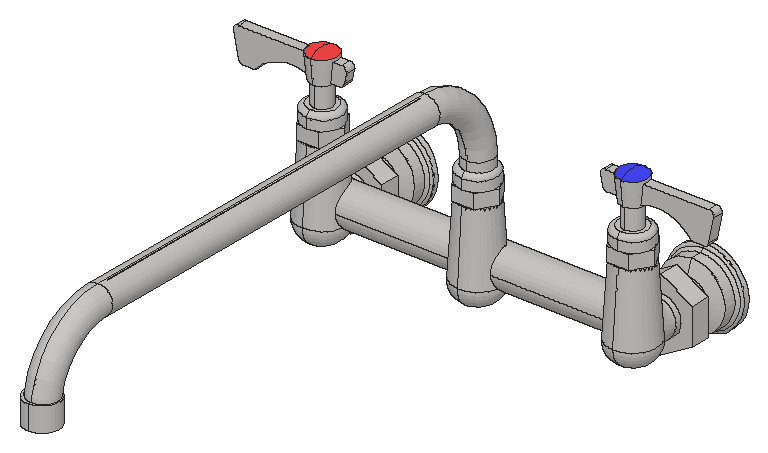
Revit family "Krowne_14-814L_WallMount_Faucet", category Plumbing Fixtures, Revit 2018
Family settings
  Round Connector Dimension = Use Diameter
  Part Type = Normal
  OmniClass Number = 23.40.40.00
  OmniClass Title = Food Service Equipment and Furnishings
  Work Plane-Based = No
  Always vertical = Yes
  Cut with Voids When Loaded = No
  Shared = No
  Room Calculation Point = No
Parameters (values of type "DefaultType")
  Width = 12"
  Weight in Pounds = 5
  Watermarked By = ""
  Waste Water Discharge Temperature [instance] = -459.67 °F
  URL Cutsheet = ""
  URL = "https://krowne.com/"
  Status [instance] = ""
  Specification by User [instance] = ""
  Specification by Manufacturer [instance] = ""
  Serial Number [instance] = ""
  Revision Code [instance] = ""
  Plumbing Remarks [instance] = ""
  Plumbing Connection Type = ""
  NAFEM Spec ID Number [instance] = ""
  Model = "14-814L"
  Masterspec [instance] = ""
  Manufacturer = "Krowne Metal"
  KCLRef = "KCL2C9,,0004c57b-0000-0000-0000-000000000307,KR,14-814L ,637099801860000000,9168b732-2806-4bea-93b5-052a7ac813c2,db9d9500-6c41-4e3d-ae76-039828448db6"
  KCL SpecSheet URL = "http://kclweb.kclcad.com/imagehandler.ashx?kdoc=14-8xx&R=KR&M=14-814L%20&VC=7&TID=KCLWeb&T=doc"
  Item Number [instance] = "-"
  Installed By [instance] = ""
  Hot Water Temperature = 100 °F
  Hot Water Size = 1/2"
  Hot Water RI Height [instance] = 0"
  Hot Water Minimum Pressure = 0.00 psi
  Hot Water Maximum Pressure = 0.00 psi
  Hot Water Flow = 1.8 GPM
  Hot Water Consumption = 0 GPM
  Hot Water Connection Height = 0"
  Height = 3 15/16"
  Furnished By [instance] = ""
  Foodservice Equipment Identifier = yes
  Description = "Wall Mount Faucet"
  Depth = 1 7/8"
  Cold Water Temperature Recommended = -459.67 °F
  Cold Water Size = 1/2"
  Cold Water RI Height [instance] = 0"
  Cold Water Minimum Pressure = 0.00 psi
  Cold Water Maximum Pressure = 0.00 psi
  Cold Water Flow = 1.8 GPM
  Cold Water Consumption = ""
  Cold Water Connection Height = 0"
  CSI MasterFormat = ""
  Assembly Code = "E1090300"
Reference planes
  plane 1 "BACK": y = 0
  plane 2: z = 0
  plane 3 "LEFT": x = -471.569
  plane 4 "RIGHT": x = -166.769
  plane 5 "TOP": z = 100.013
  plane 6 "CENTER L/R": x = -319.169
  plane 7 "Top of Body": z = 44.45
  plane 8: y = -62.38
  plane 9: z = 166.688
  plane 10: z = 104.775
  plane 11: y = -419.1
Forms (mm)
  Sweep 1, solid, material "QF_Stainless-Polished"
    path origin (-319.169, 0, 0) x (0, 1, 0) y (0, 0, 1)
      loop
        line (-62.38, 44.45) -> (-62.38, 106.053)
        arc (-62.38, 106.053) -> (-75.028, 137.109) -> (-105.776, 150.49) r 44.45
        line (-105.776, 150.49) -> (-373.596, 156.84)
        arc (-373.596, 156.84) -> (-405.706, 144.204) -> (-419.1, 112.403) r 44.45
        line (-419.1, 112.403) -> (-419.1, 104.775)
    profile origin (-319.169, -62.38, 75.251) x (0, -1, 0) y (1, 0, 0)
      loop
        circle (0, 0) r 9.525
      loop
        circle (0, 0) r 6.35
  Extrusion 2, solid, material "QF_Stainless-Polished"
    sketch origin (-319.169, -419.1, 104.775) x (0, -1, 0) y (-1, 0, 0)
      loop
        circle (0, 0) r 9.525
      loop
        circle (0, 0) r 11.113
    from 0 to -15.875
Lines and regions (mm)
  symbolic lines
    curve 1: arc (-319.169, -71.905, 0) -> (-328.694, -62.38, 0) -> (-319.169, -52.855, 0) r 9.525
    curve 2: arc (-319.169, -52.855, 0) -> (-309.644, -62.38, 0) -> (-319.169, -71.905, 0) r 9.525
    curve 3: arc (-328.694, -419.1, 0) -> (-325.905, -425.835, 0) -> (-319.169, -428.625, 0) r 9.525
    curve 4: arc (-319.169, -428.625, 0) -> (-312.434, -425.835, 0) -> (-309.644, -419.1, 0) r 9.525
    curve 5: line (-328.694, -419.1, 0) -> (-328.694, -62.38, 0)
    curve 6: line (-309.644, -62.38, 0) -> (-309.644, -419.1, 0)
Dimensions and locks
  "Width": plane 3 "LEFT" to plane 4 "RIGHT"
  "Height": plane 5 "TOP" to plane 2
  plane 7 "Top of Body" to level = 1 3/4"
  equal spacing: plane 3 "LEFT", plane 6 "CENTER L/R", plane 4 "RIGHT"
  plane 11 to plane 1 "BACK" = 16 1/2"
  plane 10 to plane 5 "TOP" = 3/16"
  plane 9 to plane 5 "TOP" = 2 5/8"
  aligned and locked: level to plane 2
  aligned and locked: plane 8 to Sweep 1 sketch curve
  aligned and locked: Sweep 1 sketch curve to plane 11
  aligned and locked: plane 10 to Sweep 1 sketch curve
Automatic sketch dimensions
  curve 3 to curve 4 = 0"
  plane 11 to curve 5 = 0"
  plane 8 to curve 5 = 0"
  curve 1 to plane 6 "CENTER L/R" = 0"
  plane 8 to curve 6 = 0"
  plane 8 to curve 1 = 0"
  curve 5 to curve 3 = 3/8"
  Sweep 1 sketch curve to Sweep 1 sketch curve = 0"  (x2)
  Sweep 1 sketch curve to plane 6 "CENTER L/R" = 0"
  Sweep 1 sketch curve to profile plane = 0"
  Sweep 1 sketch curve to plane 7 "Top of Body" = 0"
  plane 10 to Sweep 1 sketch curve = 0.3003"
  Sweep 1 sketch curve to plane 9 = 0.38769"
  Sweep 1 sketch curve to Sweep 1 sketch curve = 0.04148"
  plane 10 to Sweep 1 sketch curve = 0.0503"
  Sweep 1 sketch curve to Sweep 1 sketch curve = 1 3/4"
  Sweep 1 sketch curve to plane 9 = 0.63769"
  radius of Extrusion 2 sketch curve to Sweep 1 = 0"
  radius of Sweep 1 to Extrusion 2 sketch curve = 1/16"
  radius of Sweep 1 sketch curve = 3/8"
  radius of Sweep 1 sketch curve = 1/4"
Nested families
  nested 1: "QF_Krowne_14-8_Body" at (-4.763, 0, 0), type "QF_Krowne_14-8_Body"
Connectors
  piping at (-420.769, 6.35, 37.306), diameter 12.7, driven by "Hot Water Flow", driven by "Hot Water Size"
    settings: on nested 1, index 1, connector inside diameter 24", connector length 0", flow factor 0, pipe flow 1.8 GPM, pressure drop 0.00 psi, fitting loss kfactor 0, connector angle 0.00°, fixture units 0, engagement length 0", angle of deflection 0.00°, flow configuration 1, flow direction 1, fitting loss method 0, system type 19, joint type 0, gender type 0, connector reference index -1, connector utility 0, adjustable connector no, is connector primary yes, connector description "HOT WATER"
  piping at (-217.569, 6.35, 37.306), diameter 12.7, driven by "Cold Water Flow", driven by "Cold Water Size"
    settings: on nested 1, index 2, connector inside diameter 24", connector length 0", flow factor 0, pipe flow 1.8 GPM, pressure drop 0.00 psi, fitting loss kfactor 0, connector angle 0.00°, fixture units 0, engagement length 0", angle of deflection 0.00°, flow configuration 1, flow direction 1, fitting loss method 0, system type 20, joint type 0, gender type 0, connector reference index -1, connector utility 0, adjustable connector no, is connector primary no, connector description "COLD WATER"
Definition of nested family "QF_Krowne_14-8_Body"
  Parameters (values of type "QF_Krowne_14-8_Body")
    Width = 12 3/8"
    Watermarked By = ""
    Height = 3 7/8"
    Description = ""
    Depth = 4 15/16"
  Reference planes
    plane 1 "BACK": y = 0
    plane 2: z = 0
    plane 3 "LEFT": x = -471.569
    plane 4 "RIGHT": x = -157.244
    plane 5 "TOP": z = 128.588
    plane 6 "Center": x = -314.407
    plane 7 "Left of Handle": x = -416.007
    plane 8 "Right of Handle": x = -212.807
    plane 9 "Center of Handles": y = -125.412
    plane 10 "Top of Body": z = 74.612
    plane 11: x = -444.582
    plane 12: x = -184.232
    plane 13 "Faucet Handle Center": y = -62.706
    plane 14: y = -59.531
    plane 15: y = -65.881
    plane 16: z = 37.306
  Forms (mm)
    Extrusion 1, solid
      sketch origin (0, 0, 80.962) x (0, 1, 0) y (-1, 0, 0)
        loop
          line (-62.38, 401.719) -> (-50.006, 408.863) -> (-50.006, 423.151) -> (-62.38, 430.294) -> (-74.753, 423.151) -> (-74.753, 408.863) -> (-62.38, 401.719)
        loop
          line (-62.38, 198.519) -> (-50.006, 205.663) -> (-50.006, 219.951) -> (-62.38, 227.094) -> (-74.753, 219.951) -> (-74.753, 205.663) -> (-62.38, 198.519)
        loop
          line (-62.38, 300.119) -> (-50.006, 307.263) -> (-50.006, 321.551) -> (-62.38, 328.694) -> (-74.753, 321.551) -> (-74.753, 307.263) -> (-62.38, 300.119)
      from 0 to 9.525
    Revolve 2, solid
      sketch origin (-416.007, 0, 0) x (0, 1, 0) y (0, 0, 1)
        loop
          line (-62.706, 90.488) -> (-50.006, 90.488) -> (-50.006, 96.838)
          arc (-50.006, 96.838) -> (-50.936, 99.083) -> (-53.181, 100.013) r 3.175
          line (-53.181, 100.013) -> (-62.706, 100.013) -> (-62.706, 90.488)
        axis (-62.706, 90.488) -> (-62.706, 100.013)
      angle from 0 to 360
    Revolve 3, solid
      sketch origin (-212.807, 0, 0) x (0, 1, 0) y (0, 0, 1)
        loop
          line (-62.706, 100.012) -> (-56.356, 100.012) -> (-56.356, 114.3) -> (-62.706, 114.3) -> (-62.706, 100.012)
        axis (-62.706, 100.012) -> (-62.706, 114.3)
      angle from 0 to 360
    Revolve 4, solid
      sketch origin (-416.007, 0, 0) x (0, 1, 0) y (0, 0, 1)
        loop
          line (-62.706, 100.013) -> (-56.356, 100.013) -> (-56.356, 114.3) -> (-62.706, 114.3) -> (-62.706, 100.013)
        axis (-62.706, 100.013) -> (-62.706, 114.3)
      angle from 0 to 360
    Revolve 5, solid
      sketch origin (-416.007, 0, 0) x (0, 1, 0) y (0, 0, 1)
        loop
          line (-62.706, 114.3) -> (-54.769, 114.3) -> (-53.181, 130.175) -> (-62.706, 130.175) -> (-62.706, 114.3)
        axis (-62.706, 114.3) -> (-62.706, 130.175)
      angle from 0 to 360
    Revolve 6, solid
      sketch origin (-212.807, 0, 0) x (0, 1, 0) y (0, 0, 1)
        loop
          line (-62.706, 114.3) -> (-54.769, 114.3) -> (-53.181, 130.175) -> (-62.706, 130.175) -> (-62.706, 114.3)
        axis (-62.706, 114.3) -> (-62.706, 130.175)
      angle from 0 to 360
    Revolve 7, solid
      sketch origin (-416.007, 0, 0) x (0, 1, 0) y (0, 0, 1)
        loop
          line (-62.706, 130.175) -> (-53.181, 130.175)
          arc (-53.181, 130.175) -> (-57.646, 132.655) -> (-62.706, 133.35) r 13.869
          line (-62.706, 133.35) -> (-62.706, 130.175)
        axis (-62.706, 130.175) -> (-62.706, 133.35)
      angle from 0 to 360
    Revolve 8, solid
      sketch origin (-212.807, 0, 0) x (0, 1, 0) y (0, 0, 1)
        loop
          line (-62.706, 130.175) -> (-53.181, 130.175)
          arc (-53.181, 130.175) -> (-57.646, 132.655) -> (-62.706, 133.35) r 13.869
          line (-62.706, 133.35) -> (-62.706, 130.175)
        axis (-62.706, 130.175) -> (-62.706, 133.35)
      angle from 0 to 360
    Extrusion 9, solid
      sketch origin (0, -62.706, 0) x (1, 0, 0) y (0, 0, 1)
        loop
          arc (-468.332, 128.588) -> (-470.787, 127.425) -> (-471.445, 124.79) r 3.175
          line (-471.445, 124.79) -> (-468.27, 108.916)
          arc (-468.27, 108.916) -> (-467.17, 107.083) -> (-465.157, 106.364) r 3.175
          line (-465.157, 106.364) -> (-458.81, 106.364)
          arc (-458.81, 106.364) -> (-457.469, 106.66) -> (-456.379, 107.496) r 3.175
          arc (-456.379, 107.496) -> (-441.832, 116.771) -> (-424.594, 116.065) r 28.792
          arc (-424.594, 116.065) -> (-424.065, 115.925) -> (-423.52, 115.878) r 3.175
          line (-423.52, 115.878) -> (-402.102, 115.878)
          arc (-402.102, 115.878) -> (-400.089, 116.597) -> (-398.988, 118.43) r 3.175
          line (-398.988, 118.43) -> (-397.716, 124.79)
          arc (-397.716, 124.79) -> (-398.374, 127.425) -> (-400.83, 128.588) r 3.175
          line (-400.83, 128.588) -> (-468.332, 128.588)
        loop
          line (-160.482, 128.588) -> (-227.984, 128.588)
          arc (-227.984, 128.588) -> (-230.439, 127.425) -> (-231.097, 124.79) r 3.175
          line (-231.097, 124.79) -> (-229.826, 118.43)
          arc (-229.826, 118.43) -> (-228.725, 116.597) -> (-226.712, 115.878) r 3.175
          line (-226.712, 115.878) -> (-205.294, 115.878)
          arc (-205.294, 115.878) -> (-204.749, 115.925) -> (-204.22, 116.065) r 3.175
          arc (-204.22, 116.065) -> (-186.982, 116.771) -> (-172.435, 107.496) r 28.792
          arc (-172.435, 107.496) -> (-171.345, 106.66) -> (-170.004, 106.364) r 3.175
          line (-170.004, 106.364) -> (-163.657, 106.364)
          arc (-163.657, 106.364) -> (-161.644, 107.083) -> (-160.544, 108.916) r 3.175
          line (-160.544, 108.916) -> (-157.369, 124.79)
          arc (-157.369, 124.79) -> (-158.027, 127.425) -> (-160.482, 128.588) r 3.175
      from -3.175 to 3.175
    Extrusion 10, solid
      sketch origin (0, 0, 0) x (1, 0, 0) y (0, 0, 1)
        loop
          circle (-416.007, 37.306) r 6.35
        loop
          circle (-212.807, 37.306) r 6.35
      from 0 to -6.35
    Revolve 11, solid
      sketch origin (-212.807, 0, 0) x (0, 1, 0) y (0, 0, 1)
        loop
          line (-62.706, 90.488) -> (-50.006, 90.488) -> (-50.006, 96.838)
          arc (-50.006, 96.838) -> (-50.936, 99.083) -> (-53.181, 100.013) r 3.175
          line (-53.181, 100.013) -> (-62.706, 100.013) -> (-62.706, 90.488)
        axis (-62.706, 90.488) -> (-62.706, 100.013)
      angle from 0 to 360
    Revolve 12, solid
      sketch origin (-416.007, 0, 0) x (0, 1, 0) y (0, 0, 1)
        loop
          line (0, 37.306) -> (0, 62.706) -> (-3.175, 62.706)
          arc (-3.175, 62.706) -> (-4.298, 62.241) -> (-4.762, 61.119) r 1.588
          line (-4.762, 61.119) -> (-6.75, 59.131) -> (-14.287, 59.131) -> (-17.462, 50.006) -> (-26.987, 50.006) -> (-26.988, 37.306) -> (0, 37.306)
        axis (0, 37.306) -> (-26.988, 37.306)
      angle from 0 to 360
    Revolve 13, solid
      sketch origin (-212.807, 0, 0) x (0, 1, 0) y (0, 0, 1)
        loop
          line (0, 37.306) -> (0, 62.706) -> (-3.175, 62.706)
          arc (-3.175, 62.706) -> (-4.298, 62.241) -> (-4.762, 61.119) r 1.588
          line (-4.762, 61.119) -> (-6.75, 59.131) -> (-14.287, 59.131) -> (-17.462, 50.006) -> (-26.987, 50.006) -> (-26.988, 37.306) -> (0, 37.306)
        axis (0, 37.306) -> (-26.988, 37.306)
      angle from 0 to 360
    Extrusion 14, solid
      sketch origin (-416.007, -26.988, 37.306) x (0, 0, 1) y (-1, 0, 0)
        loop
          line (11.915, -20.638) -> (23.83, 0) -> (11.915, 20.637) -> (-11.915, 20.637) -> (-23.83, 0) -> (-11.915, -20.637) -> (11.915, -20.638)
        loop
          line (11.915, -223.837) -> (23.83, -203.2) -> (11.915, -182.562) -> (-11.915, -182.562) -> (-23.83, -203.2) -> (-11.915, -223.837) -> (11.915, -223.837)
      from 0 to 12.7
    Sweep 15, solid
      path origin (-416.007, 0, 0) x (0, 1, 0) y (0, 0, 1)
        loop
          line (-26.988, 37.306) -> (-43.656, 37.306)
          arc (-43.656, 37.306) -> (-57.127, 42.886) -> (-62.706, 56.356) r 19.05
          line (-62.706, 56.356) -> (-62.706, 80.962)
      profile origin (-416.007, -35.322, 37.306) x (0, 0, -1) y (1, 0, 0)
        loop
          circle (0, 0) r 12.7
    Sweep 16, solid
      path origin (-212.807, 0, 0) x (0, 1, 0) y (0, 0, 1)
        loop
          line (-26.988, 37.306) -> (-43.656, 37.306)
          arc (-43.656, 37.306) -> (-57.127, 42.886) -> (-62.706, 56.356) r 19.05
          line (-62.706, 56.356) -> (-62.706, 80.962)
      profile origin (-212.807, -35.322, 37.306) x (0, 0, -1) y (1, 0, 0)
        loop
          circle (0, 0) r 12.7
    Extrusion 17, solid
      sketch origin (-416.007, 0, 0) x (0, 1, 0) y (0, 0, 1)
        loop
          circle (-57.127, 42.886) r 12.7
      from 0 to 203.2
    Sweep 18, solid
      path origin (-314.407, 0, 0) x (0, 1, 0) y (0, 0, 1)
        loop
          arc (-56.044, 41.884) -> (-60.961, 48.39) -> (-62.706, 56.356) r 19.05
          line (-62.706, 56.356) -> (-62.706, 80.962)
      profile origin (-314.407, -62.706, 68.659) x (0, -1, 0) y (1, 0, 0)
        loop
          circle (0, 0) r 12.7
    Revolve 19, solid
      sketch origin (-314.407, 0, 0) x (0, 1, 0) y (0, 0, 1)
        loop
          line (-62.706, 90.488) -> (-50.006, 90.488) -> (-50.006, 96.838)
          arc (-50.006, 96.838) -> (-50.936, 99.083) -> (-53.181, 100.013) r 3.175
          line (-53.181, 100.013) -> (-62.706, 100.013) -> (-62.706, 90.488)
        axis (-62.706, 90.488) -> (-62.706, 100.013)
      angle from 0 to 360
    Revolve 20, solid
      sketch origin (-416.007, 0, 0) x (0, 1, 0) y (0, 0, 1)
        loop
          line (-50.006, 80.962) -> (-62.706, 80.962) -> (-62.706, 20.044) -> (-59.365, 20.044)
          arc (-59.365, 20.044) -> (-50.077, 24.083) -> (-46.696, 33.63) r 12.7
          line (-46.696, 33.63) -> (-50.006, 80.962)
        axis (-62.706, 20.044) -> (-62.706, 80.962)
      angle from 0 to 360
    Revolve 21, solid
      sketch origin (-212.807, 0, 0) x (0, 1, 0) y (0, 0, 1)
        loop
          line (-50.006, 80.962) -> (-62.706, 80.962) -> (-62.706, 20.044) -> (-59.365, 20.044)
          arc (-59.365, 20.044) -> (-50.077, 24.083) -> (-46.696, 33.63) r 12.7
          line (-46.696, 33.63) -> (-50.006, 80.962)
        axis (-62.706, 20.044) -> (-62.706, 80.962)
      angle from 0 to 360
    Revolve 22, solid
      sketch origin (-314.407, 0, 0) x (0, 1, 0) y (0, 0, 1)
        loop
          line (-50.006, 80.962) -> (-62.706, 80.962) -> (-62.706, 20.044) -> (-59.365, 20.044)
          arc (-59.365, 20.044) -> (-50.077, 24.083) -> (-46.696, 33.63) r 12.7
          line (-46.696, 33.63) -> (-50.006, 80.962)
        axis (-62.706, 20.044) -> (-62.706, 80.962)
      angle from 0 to 360
  Lines and regions (mm)
    symbolic lines
      curve 1: line (-471.445, -59.531, 74.612) -> (-397.655, -59.531, 74.612)
      curve 2: line (-471.445, -65.881, 74.612) -> (-471.445, -59.531, 74.612)
      curve 3: line (-397.655, -65.881, 74.612) -> (-471.445, -65.881, 74.612)
      curve 4: line (-397.655, -59.531, 74.612) -> (-397.655, -65.881, 74.612)
      curve 5: line (-157.244, -59.531, 74.612) -> (-231.159, -59.531, 74.612)
      curve 6: line (-157.244, -65.881, 74.612) -> (-157.244, -59.531, 74.612)
      curve 7: line (-231.159, -65.881, 74.612) -> (-157.244, -65.881, 74.612)
      curve 8: line (-231.159, -59.531, 74.612) -> (-231.159, -65.881, 74.612)
      curve 9: line (-423.151, -50.333, 74.612) -> (-428.461, -59.531, 74.612)
      curve 10: line (-423.151, -50.333, 74.612) -> (-408.863, -50.333, 74.612)
      curve 11: line (-408.863, -50.333, 74.612) -> (-403.553, -59.531, 74.612)
      curve 12: line (-408.863, -75.08, 74.612) -> (-423.151, -75.08, 74.612)
      curve 13: line (-423.151, -75.08, 74.612) -> (-428.461, -65.881, 74.612)
      curve 14: line (-408.863, -75.08, 74.612) -> (-403.553, -65.881, 74.612)
      curve 15: line (-219.951, -50.333, 74.612) -> (-205.663, -50.333, 74.612)
      curve 16: line (-205.663, -50.333, 74.612) -> (-200.353, -59.531, 74.612)
      curve 17: line (-219.951, -50.333, 74.612) -> (-225.261, -59.531, 74.612)
      curve 18: line (-205.663, -75.08, 74.612) -> (-219.951, -75.08, 74.612)
      curve 19: line (-219.951, -75.08, 74.612) -> (-225.261, -65.881, 74.612)
      curve 20: line (-205.663, -75.08, 74.612) -> (-200.353, -65.881, 74.612)
      curve 21: line (-328.694, -62.38, 74.612) -> (-321.551, -74.753, 74.612)
      curve 22: line (-321.551, -74.753, 74.612) -> (-307.263, -74.753, 74.612)
      curve 23: line (-307.263, -74.753, 74.612) -> (-300.119, -62.38, 74.612)
      curve 24: line (-300.119, -62.38, 74.612) -> (-307.263, -50.006, 74.612)
      curve 25: line (-307.263, -50.006, 74.612) -> (-321.551, -50.006, 74.612)
      curve 26: line (-321.551, -50.006, 74.612) -> (-328.694, -62.38, 74.612)
      curve 27: line (-441.407, 0, 74.612) -> (-390.607, 0, 74.612)
      curve 28: line (-441.407, 0, 74.612) -> (-441.407, -3.175, 74.612)
      curve 29: line (-437.831, -6.75, 74.612) -> (-439.819, -4.763, 74.612)
      curve 30: arc (-439.819, -4.763, 74.612) -> (-440.942, -4.298, 74.612) -> (-441.407, -3.175, 74.612) r 1.588
      curve 31: line (-437.831, -6.75, 74.612) -> (-437.831, -14.288, 74.612)
      curve 32: line (-437.831, -14.288, 74.612) -> (-428.707, -17.463, 74.612)
      curve 33: line (-428.707, -17.463, 74.612) -> (-428.707, -26.987, 74.612)
      curve 34: line (-428.707, -26.987, 74.612) -> (-436.644, -26.987, 74.612)
      curve 35: line (-436.644, -26.987, 74.612) -> (-436.644, -39.688, 74.612)
      curve 36: line (-436.644, -39.688, 74.612) -> (-428.719, -39.687, 74.612)
      curve 37: line (-428.719, -39.687, 74.612) -> (-428.719, -59.531, 74.612)
      curve 38: line (-390.607, 0, 74.612) -> (-390.607, -3.175, 74.612)
      curve 39: line (-394.182, -6.75, 74.612) -> (-392.194, -4.763, 74.612)
      curve 40: arc (-392.194, -4.763, 74.612) -> (-391.072, -4.298, 74.612) -> (-390.607, -3.175, 74.612) r 1.588
      curve 41: line (-394.182, -6.75, 74.612) -> (-394.182, -14.288, 74.612)
      curve 42: line (-394.182, -14.288, 74.612) -> (-403.307, -17.463, 74.612)
      curve 43: line (-403.307, -17.463, 74.612) -> (-403.307, -26.987, 74.612)
      curve 44: line (-403.307, -26.987, 74.612) -> (-395.369, -26.987, 74.612)
      curve 45: line (-395.369, -26.987, 74.612) -> (-395.369, -39.688, 74.612)
      curve 46: line (-395.369, -39.688, 74.612) -> (-403.295, -39.687, 74.612)
      curve 47: line (-403.295, -39.687, 74.612) -> (-403.295, -59.531, 74.612)
      curve 48: line (-205.663, -50.333, 74.612) -> (-219.951, -50.333, 74.612)
      curve 49: line (-187.407, 0, 74.612) -> (-238.207, 0, 74.612)
      curve 50: line (-187.407, 0, 74.612) -> (-187.407, -3.175, 74.612)
      curve 51: line (-190.982, -6.75, 74.612) -> (-188.994, -4.763, 74.612)
      curve 52: arc (-188.994, -4.763, 74.612) -> (-187.872, -4.298, 74.612) -> (-187.407, -3.175, 74.612) r 1.588
      curve 53: line (-190.982, -6.75, 74.612) -> (-190.982, -14.288, 74.612)
      curve 54: line (-190.982, -14.288, 74.612) -> (-200.107, -17.463, 74.612)
      curve 55: line (-200.107, -17.463, 74.612) -> (-200.107, -26.987, 74.612)
      curve 56: line (-200.107, -26.987, 74.612) -> (-192.169, -26.987, 74.612)
      curve 57: line (-192.169, -26.987, 74.612) -> (-192.169, -39.688, 74.612)
      curve 58: line (-192.169, -39.688, 74.612) -> (-200.095, -39.687, 74.612)
      curve 59: line (-200.095, -39.687, 74.612) -> (-200.095, -59.531, 74.612)
      curve 60: line (-238.207, 0, 74.612) -> (-238.207, -3.175, 74.612)
      curve 61: line (-234.631, -6.75, 74.612) -> (-236.619, -4.763, 74.612)
      curve 62: arc (-236.619, -4.763, 74.612) -> (-237.742, -4.298, 74.612) -> (-238.207, -3.175, 74.612) r 1.588
      curve 63: line (-234.631, -6.75, 74.612) -> (-234.631, -14.288, 74.612)
      curve 64: line (-234.631, -14.288, 74.612) -> (-225.507, -17.463, 74.612)
      curve 65: line (-225.507, -17.463, 74.612) -> (-225.507, -26.987, 74.612)
      curve 66: line (-225.507, -26.987, 74.612) -> (-233.444, -26.987, 74.612)
      curve 67: line (-233.444, -26.987, 74.612) -> (-233.444, -39.688, 74.612)
      curve 68: line (-233.444, -39.688, 74.612) -> (-225.519, -39.687, 74.612)
      curve 69: line (-225.519, -39.687, 74.612) -> (-225.519, -59.531, 74.612)
      curve 70: line (-403.295, -44.504, 74.612) -> (-225.519, -44.504, 74.612)
      curve 71: line (-405.528, -69.303, 74.612) -> (-324.697, -69.303, 74.612)
      curve 72: line (-303.555, -69.303, 74.612) -> (-223.286, -69.303, 74.612)
  Dimensions and locks
    "Width": plane 3 "LEFT" to plane 4 "RIGHT"
    equal spacing: plane 3 "LEFT", plane 6 "Center", plane 4 "RIGHT"
    "Depth": plane 9 "Center of Handles" to plane 1 "BACK"
    plane 10 "Top of Body" to level = 2 15/16"
    equal spacing: plane 10 "Top of Body", plane 16, level
    locked: plane 3 "LEFT" to plane 11 at 26.988
    locked: plane 12 to plane 4 "RIGHT" at 26.988
    locked: plane 8 "Right of Handle" to plane 12 at 28.575
    locked: plane 11 to plane 7 "Left of Handle" at 28.575
    locked: plane 5 "TOP" to plane 10 "Top of Body" at 53.975
    equal spacing: plane 15, plane 13 "Faucet Handle Center", plane 14, locked at 3.175 each
    plane 15 to plane 14 = 1/4"
    equal spacing: plane 9 "Center of Handles", plane 13 "Faucet Handle Center", plane 1 "BACK"
    aligned and locked: level to plane 2
    aligned and locked: Revolve 5 sketch curve to Revolve 5 sketch curve
    aligned and locked: Revolve 6 sketch curve to Revolve 6 sketch curve
    aligned and locked: Extrusion 9 sketch curve to plane 5 "TOP"
    aligned and locked: plane 5 "TOP" to Extrusion 9 sketch curve
    aligned and locked: Extrusion 9 to plane 14
    aligned and locked: curve 1 to Extrusion 9
    aligned and locked: curve 2 to Extrusion 9
    aligned and locked: curve 3 to Extrusion 9
    aligned and locked: curve 5 to Extrusion 9
    aligned and locked: Extrusion 9 to curve 7
    aligned and locked: plane 4 "RIGHT" to curve 6
    aligned and locked: Revolve 11 sketch curve to plane 13 "Faucet Handle Center"
    aligned and locked: plane 8 "Right of Handle" to Extrusion 17
    aligned and locked: plane 13 "Faucet Handle Center" to Revolve 20 sketch curve
  Automatic sketch dimensions
    Revolve 2 sketch curve to plane 13 "Faucet Handle Center" = 0"  (x2)
    Revolve 2 sketch curve to Revolve 2 sketch curve = 3/8"
    Revolve 2 sketch curve to Revolve 2 sketch curve = 1/8"
    plane 10 "Top of Body" to Revolve 2 sketch curve = 5/8"
    Revolve 2 sketch curve to Revolve 2 sketch curve = 1/4"
    Revolve 2 sketch curve to Revolve 2 sketch curve = 0"  (x2)
    Revolve 3 sketch curve to plane 13 "Faucet Handle Center" = 0"  (x2)
    Revolve 3 sketch curve to plane 13 "Faucet Handle Center" = 1/4"
    plane 10 "Top of Body" to Revolve 3 sketch curve = 1"
    Revolve 3 sketch curve to Revolve 3 sketch curve = 9/16"
    Revolve 3 sketch curve to Revolve 3 sketch curve = 3/8"
    Revolve 3 sketch curve to Revolve 3 sketch curve = 0"
    Revolve 4 sketch curve to plane 13 "Faucet Handle Center" = 0"  (x2)
    Revolve 4 sketch curve to Revolve 4 sketch curve = 1/4"
    plane 10 "Top of Body" to Revolve 4 sketch curve = 1"
    Revolve 4 sketch curve to Revolve 4 sketch curve = 9/16"
    Revolve 4 sketch curve to Revolve 4 sketch curve = 3/8"
    Revolve 4 sketch curve to Revolve 4 sketch curve = 0"
    Revolve 5 sketch curve to plane 13 "Faucet Handle Center" = 0"
    Revolve 5 sketch curve to Revolve 5 sketch curve = 5/16"
    plane 5 "TOP" to Revolve 5 sketch curve = 1/16"
    Revolve 5 sketch curve to Revolve 5 sketch curve = 3/8"
    Revolve 5 sketch curve to plane 5 "TOP" = 9/16"
    Revolve 5 sketch curve to Revolve 5 sketch curve = 0"  (x2)
    Revolve 6 sketch curve to plane 13 "Faucet Handle Center" = 0"
    Revolve 6 sketch curve to plane 13 "Faucet Handle Center" = 5/16"
    plane 5 "TOP" to Revolve 6 sketch curve = 1/16"
    Revolve 6 sketch curve to plane 13 "Faucet Handle Center" = 3/8"
    Revolve 6 sketch curve to plane 5 "TOP" = 9/16"
    Revolve 6 sketch curve to Revolve 6 sketch curve = 0"  (x2)
    Revolve 7 sketch curve to plane 13 "Faucet Handle Center" = 0"  (x2)
    Revolve 7 sketch curve to plane 13 "Faucet Handle Center" = 0.02655"
    plane 5 "TOP" to Revolve 7 sketch curve = 1/16"
    Revolve 7 sketch curve to Revolve 7 sketch curve = 3/8"
    Revolve 7 sketch curve to plane 5 "TOP" = 0.35786"
    Revolve 7 sketch curve to Revolve 7 sketch curve = 0"  (x2)
    Revolve 8 sketch curve to plane 13 "Faucet Handle Center" = 0"  (x2)
    Revolve 8 sketch curve to plane 13 "Faucet Handle Center" = 0.02655"
    plane 5 "TOP" to Revolve 8 sketch curve = 1/16"
    Revolve 8 sketch curve to Revolve 8 sketch curve = 3/8"
    Revolve 8 sketch curve to plane 5 "TOP" = 0.35786"
    Revolve 8 sketch curve to Revolve 8 sketch curve = 0"  (x2)
    Revolve 12 sketch curve to plane 9 "Center of Handles" = 0"
    Revolve 12 sketch curve to plane 16 = 0"  (x2)
    Revolve 12 sketch curve to plane 1 "BACK" = 0"  (x2)
    plane 16 to Revolve 12 sketch curve = 1/2"
    plane 1 "BACK" to Revolve 12 sketch curve = 1 1/16"
    Revolve 12 sketch curve to Revolve 12 sketch curve = 3/8"
    Revolve 12 sketch curve to Revolve 12 sketch curve = 1/8"
    plane 1 "BACK" to Revolve 12 sketch curve = 0.26577"
    Revolve 12 sketch curve to Revolve 12 sketch curve = 0.07827"  (x2)
    Revolve 12 sketch curve to Revolve 12 sketch curve = 1/16"
    Revolve 12 sketch curve to Revolve 12 sketch curve = 0.35923"
    Revolve 13 sketch curve to plane 9 "Center of Handles" = 0"
    Revolve 13 sketch curve to plane 16 = 0"  (x2)
    Revolve 13 sketch curve to plane 1 "BACK" = 0"  (x2)
    Revolve 13 sketch curve to Revolve 13 sketch curve = 1 1/16"
    Revolve 13 sketch curve to Revolve 13 sketch curve = 3/8"
    Revolve 13 sketch curve to Revolve 13 sketch curve = 1/8"
    plane 1 "BACK" to Revolve 13 sketch curve = 0.26577"
    Revolve 13 sketch curve to Revolve 13 sketch curve = 0.07827"  (x2)
    Revolve 13 sketch curve to Revolve 13 sketch curve = 1/16"
    plane 16 to Revolve 13 sketch curve = 1/2"
    Revolve 13 sketch curve to Revolve 13 sketch curve = 0.35923"
    Revolve 12 to Extrusion 14 sketch curve = 0"
    Extrusion 14 sketch curve to Revolve 12 = 0"
    Revolve 12 to Extrusion 14 sketch curve = 8"  (x2)
    Extrusion 14 sketch curve to Extrusion 14 sketch curve = 0"
    Extrusion 14 sketch curve to Extrusion 14 sketch curve = 0.4691"  (x6)
    Extrusion 14 sketch curve to Extrusion 14 sketch curve = 0.93819"  (x4)
    Revolve 12 to Extrusion 14 sketch curve = 7 3/16"
    Revolve 12 to Extrusion 14 sketch curve = 8 13/16"
    Revolve 12 to Extrusion 14 sketch curve = 13/16"
    Extrusion 14 sketch curve to Revolve 12 = 13/16"
    plane 15 to Extrusion 1 sketch curve = 0.34928"  (x3)
    Extrusion 1 sketch curve to plane 13 "Faucet Handle Center" = 0.01286"  (x6)
    Extrusion 1 sketch curve to plane 14 = 3/8"  (x3)
    plane 8 "Right of Handle" to Extrusion 1 sketch curve = 9/16"
    plane 8 "Right of Handle" to Extrusion 1 sketch curve = 9/32"  (x2)
    Extrusion 1 sketch curve to plane 8 "Right of Handle" = 9/32"  (x2)
    Extrusion 1 sketch curve to plane 8 "Right of Handle" = 9/16"
    plane 6 "Center" to Extrusion 1 sketch curve = 9/16"
    plane 6 "Center" to Extrusion 1 sketch curve = 9/32"  (x2)
    Extrusion 1 sketch curve to plane 6 "Center" = 9/32"  (x2)
    Extrusion 1 sketch curve to Extrusion 1 sketch curve = 9/32"  (x2)
    plane 7 "Left of Handle" to Extrusion 1 sketch curve = 9/16"
    plane 7 "Left of Handle" to Extrusion 1 sketch curve = 9/32"  (x2)
    Extrusion 1 sketch curve to plane 7 "Left of Handle" = 9/32"  (x2)
    plane 3 "LEFT" to Extrusion 9 sketch curve = 0.0049"
    Extrusion 9 sketch curve to Extrusion 9 sketch curve = 0.12257"  (x5)
    plane 3 "LEFT" to Extrusion 9 sketch curve = 0.12989"
    Extrusion 9 sketch curve to Extrusion 9 sketch curve = 0.24989"  (x2)
    plane 11 to Extrusion 9 sketch curve = 0.40333"
    Extrusion 9 sketch curve to plane 7 "Left of Handle" = 0.29578"
    plane 7 "Left of Handle" to Extrusion 9 sketch curve = 0.54745"
    Extrusion 9 sketch curve to plane 5 "TOP" = 1/8"  (x2)
    Extrusion 9 sketch curve to Extrusion 9 sketch curve = 0.05007"  (x2)
    Extrusion 9 sketch curve to plane 5 "TOP" = 0.39989"
    Extrusion 9 sketch curve to plane 5 "TOP" = 0.14951"  (x4)
    Extrusion 9 sketch curve to plane 8 "Right of Handle" = 0.7201"
    plane 8 "Right of Handle" to Extrusion 9 sketch curve = 0.29578"
    Extrusion 9 sketch curve to plane 12 = 0.40333"
    Extrusion 9 sketch curve to plane 4 "RIGHT" = 0.50235"
    Extrusion 9 sketch curve to plane 4 "RIGHT" = 0.12748"
    Extrusion 9 sketch curve to plane 4 "RIGHT" = 0.0049"
    Extrusion 9 sketch curve to Extrusion 9 sketch curve = 0.25038"
    Extrusion 9 sketch curve to plane 5 "TOP" = 0.50038"
    Extrusion 9 sketch curve to Extrusion 9 sketch curve = 0.10049"
    Extrusion 9 sketch curve to plane 5 "TOP" = 0.74996"  (x2)
    Extrusion 9 sketch curve to Extrusion 9 sketch curve = 0"  (x4)
    Extrusion 9 sketch curve to Extrusion 9 sketch curve = 0.02451"  (x2)
    plane 10 "Top of Body" to Extrusion 9 sketch curve = 0.56533"  (x2)
    Extrusion 9 sketch curve to Extrusion 9 sketch curve = 1/8"  (x2)
    Extrusion 10 sketch curve to plane 7 "Left of Handle" = 0"
    Extrusion 10 sketch curve to plane 8 "Right of Handle" = 0"
    Extrusion 10 sketch curve to plane 16 = 0"  (x2)
    Revolve 11 sketch curve to plane 13 "Faucet Handle Center" = 0"
    Revolve 11 sketch curve to plane 14 = 1/4"
    Revolve 11 sketch curve to Revolve 11 sketch curve = 1/8"
    plane 10 "Top of Body" to Revolve 11 sketch curve = 5/8"
    Revolve 11 sketch curve to Revolve 11 sketch curve = 1/4"
    Revolve 11 sketch curve to Revolve 11 sketch curve = 0"  (x2)
    Sweep 15 sketch curve to plane 13 "Faucet Handle Center" = 0"
    Sweep 15 sketch curve to plane 16 = 0"
    Sweep 15 sketch curve to plane 14 = 5/8"
    Sweep 15 sketch curve to Sweep 15 sketch curve = 21/32"
    plane 10 "Top of Body" to Sweep 15 sketch curve = 1/4"
    Sweep 15 sketch curve to plane 7 "Left of Handle" = 0"
    Sweep 15 sketch curve to profile plane = 0"
    Sweep 16 sketch curve to plane 13 "Faucet Handle Center" = 0"
    Sweep 16 sketch curve to plane 16 = 0"
    Sweep 16 sketch curve to plane 14 = 5/8"
    Sweep 16 sketch curve to Sweep 16 sketch curve = 21/32"
    plane 10 "Top of Body" to Sweep 16 sketch curve = 1/4"
    Sweep 16 sketch curve to plane 8 "Right of Handle" = 0"
    Sweep 16 sketch curve to profile plane = 0"
    Extrusion 17 sketch curve to plane 14 = 0.09467"
    plane 16 to Extrusion 17 sketch curve = 0.21967"
    Sweep 18 sketch curve to plane 13 "Faucet Handle Center" = 0"
    Sweep 18 sketch curve to plane 14 = 5/8"
    Sweep 18 sketch curve to plane 10 "Top of Body" = 23/32"
    Sweep 18 sketch curve to plane 14 = 0.1373"
    plane 10 "Top of Body" to Sweep 18 sketch curve = 1/4"
    Sweep 18 sketch curve to plane 6 "Center" = 0"
    Sweep 18 sketch curve to profile plane = 0"
    Revolve 19 sketch curve to plane 13 "Faucet Handle Center" = 0"  (x2)
    Revolve 19 sketch curve to plane 14 = 1/4"
    Revolve 19 sketch curve to Revolve 19 sketch curve = 1/8"
    plane 10 "Top of Body" to Revolve 19 sketch curve = 5/8"
    Revolve 19 sketch curve to Revolve 19 sketch curve = 1/4"
    Revolve 19 sketch curve to Revolve 19 sketch curve = 0"  (x2)
    plane 1 "BACK" to curve 27 = 0"
    plane 1 "BACK" to curve 49 = 0"
    plane 15 to curve 21 = 0.34928"
    plane 15 to curve 12 = 0.36214"
    curve 23 to plane 13 "Faucet Handle Center" = 0.01286"
    curve 21 to plane 13 "Faucet Handle Center" = 0.01286"
    curve 9 to plane 14 = 0.36214"
    curve 17 to plane 14 = 0.36214"
    curve 25 to plane 14 = 3/8"
    curve 15 to curve 67 = 0.41911"
    curve 10 to curve 47 = 0.41911"
    curve 57 to plane 12 = 5/16"
    curve 15 to curve 57 = 0.41911"
    plane 11 to curve 35 = 5/16"
    curve 9 to curve 35 = 0.41911"
    curve 68 to curve 66 = 1/2"
    curve 57 to curve 57 = 1/2"
    curve 46 to curve 43 = 1/2"
    curve 36 to curve 33 = 1/2"
    curve 65 to curve 65 = 3/8"
    curve 55 to curve 54 = 3/8"
    curve 33 to curve 33 = 3/8"
    curve 43 to curve 42 = 3/8"
    curve 64 to curve 63 = 1/8"
    plane 11 to curve 32 = 0.26577"
    curve 32 to curve 32 = 1/8"
    curve 42 to curve 42 = 1/8"
    curve 54 to curve 53 = 1/8"
    plane 1 "BACK" to curve 63 = 0.26577"
    plane 1 "BACK" to curve 41 = 0.26577"
    plane 1 "BACK" to curve 51 = 0.26577"
    plane 1 "BACK" to curve 31 = 0.26577"
    curve 51 to curve 51 = 0.07827"
    curve 29 to curve 29 = 0.07827"
    curve 61 to curve 61 = 0.07827"  (x2)
    curve 39 to curve 39 = 0.07827"
    curve 62 to curve 62 = 1/16"
    curve 39 to curve 38 = 1/16"
    curve 52 to curve 52 = 1/16"
    curve 29 to curve 30 = 1/16"
    curve 50 to plane 12 = 1/8"
    curve 53 to plane 12 = 0.26577"
    curve 57 to curve 58 = 0.31203"
    curve 53 to curve 55 = 0.35923"
    plane 8 "Right of Handle" to curve 15 = 9/32"
    plane 8 "Right of Handle" to curve 18 = 9/32"
    curve 15 to plane 8 "Right of Handle" = 9/32"
    curve 18 to plane 8 "Right of Handle" = 9/32"
    curve 66 to plane 8 "Right of Handle" = 1/2"
    curve 15 to curve 68 = 0.21922"
    curve 69 to curve 8 = 0.22206"
    curve 65 to curve 66 = 5/16"
    curve 64 to curve 63 = 0.35923"
    plane 6 "Center" to curve 24 = 9/16"
    plane 6 "Center" to curve 23 = 9/32"
    plane 6 "Center" to curve 24 = 9/32"
    curve 26 to plane 6 "Center" = 9/32"
    curve 21 to plane 6 "Center" = 9/32"
    curve 21 to curve 21 = 9/32"
    plane 7 "Left of Handle" to curve 27 = 1"
    curve 40 to curve 39 = 0.07827"
    plane 7 "Left of Handle" to curve 45 = 13/16"
    plane 7 "Left of Handle" to curve 4 = 0.72253"
    curve 45 to curve 47 = 0.31203"
    curve 41 to curve 43 = 0.35923"
    plane 7 "Left of Handle" to curve 10 = 9/32"
    plane 7 "Left of Handle" to curve 12 = 9/32"
    curve 12 to plane 7 "Left of Handle" = 9/32"
    curve 10 to plane 7 "Left of Handle" = 9/32"
    curve 33 to curve 31 = 0.35923"
    curve 36 to curve 35 = 0.31203"
    curve 29 to curve 30 = 0.07827"
    plane 15 to curve 72 = 0.13473"
    plane 15 to curve 71 = 0.13473"
    curve 70 to curve 46 = 0.18961"
    curve 59 to curve 20 = 0.01014"
    curve 59 to curve 16 = 0.01014"
    curve 18 to curve 72 = 0.1313"
    curve 17 to curve 69 = 0.01014"
    curve 72 to curve 19 = 0.07779"
    curve 72 to curve 22 = 0.146"
    curve 3 to curve 14 = 0.2322"
    curve 47 to curve 11 = 0.01014"
    curve 13 to curve 37 = 0.01014"
    curve 9 to curve 37 = 0.01014"
    Revolve 20 sketch curve to plane 13 "Faucet Handle Center" = 0"
    Revolve 20 sketch curve to plane 14 = 0.00653"
    Revolve 20 sketch curve to plane 14 = 3/8"
    Revolve 20 sketch curve to plane 16 = 0.14474"
    Revolve 20 sketch curve to Revolve 20 sketch curve = 0.49878"
    Revolve 20 sketch curve to plane 16 = 0.17962"
    plane 10 "Top of Body" to Revolve 20 sketch curve = 1/4"
    level to Revolve 20 sketch curve = 0.38545"
    Revolve 20 sketch curve to Revolve 20 sketch curve = 0.07103"
    Revolve 21 sketch curve to plane 13 "Faucet Handle Center" = 0"  (x2)
    Revolve 21 sketch curve to plane 14 = 0.00653"
    Revolve 21 sketch curve to plane 14 = 3/8"
    Revolve 21 sketch curve to plane 16 = 0.14474"
    Revolve 21 sketch curve to Revolve 21 sketch curve = 0.49878"
    Revolve 21 sketch curve to plane 16 = 0.17962"
    plane 10 "Top of Body" to Revolve 21 sketch curve = 1/4"
    level to Revolve 21 sketch curve = 0.38545"
    Revolve 21 sketch curve to Revolve 21 sketch curve = 0.07103"
    Revolve 22 sketch curve to plane 13 "Faucet Handle Center" = 0"  (x2)
    Revolve 22 sketch curve to plane 14 = 0.00653"
    Revolve 22 sketch curve to plane 14 = 3/8"
    Revolve 22 sketch curve to plane 16 = 0.14474"
    Revolve 22 sketch curve to Revolve 22 sketch curve = 0.49878"
    Revolve 22 sketch curve to plane 16 = 0.17962"
    plane 10 "Top of Body" to Revolve 22 sketch curve = 1/4"
    level to Revolve 22 sketch curve = 0.38545"
    Revolve 22 sketch curve to Revolve 22 sketch curve = 0.07103"
    radius of Extrusion 10 sketch curve = 1/4"  (x2)
    radius of Sweep 15 sketch curve = 1/2"
    radius of Sweep 16 sketch curve = 1/2"
    radius of Extrusion 17 sketch curve = 1/2"
    radius of Sweep 18 sketch curve = 1/2"
